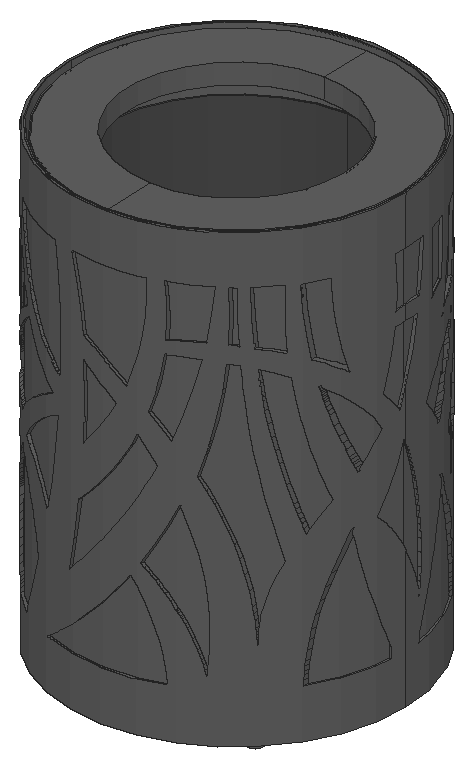
Revit family (continued)
Definition of nested family "Shell-Surface-SiteScapes-Circular-TallGrass_Large"
  Automatic sketch dimensions
    Extrusion 4 sketch curve to Extrusion 4 sketch curve = 0' - 0.6275"
    Extrusion 4 sketch curve to Extrusion 4 sketch curve = 0' - 0.69228"
    Extrusion 4 sketch curve to Extrusion 4 sketch curve = 0' - 0.5774"
    Extrusion 4 sketch curve to Extrusion 4 sketch curve = 0' - 0.63603"
    Extrusion 4 sketch curve to Extrusion 4 sketch curve = 0' - 0.59323"
    Extrusion 4 sketch curve to Extrusion 4 sketch curve = 0' - 0.62444"
    Extrusion 4 sketch curve to Extrusion 4 sketch curve = 0' - 0.60906"
    Extrusion 4 sketch curve to Extrusion 4 sketch curve = 0' - 0.61049"
    Extrusion 4 sketch curve to Extrusion 4 sketch curve = 0' - 0.60536"
    Extrusion 4 sketch curve to Extrusion 4 sketch curve = 0' - 0.28325"
    Extrusion 4 sketch curve to Extrusion 4 sketch curve = 0' - 0.28283"
    Extrusion 4 sketch curve to Extrusion 4 sketch curve = 0' - 0.63785"
    Extrusion 4 sketch curve to Extrusion 4 sketch curve = 0' - 0.24575"
    Extrusion 4 sketch curve to Extrusion 4 sketch curve = 0' - 0.27084"
    Extrusion 4 sketch curve to Extrusion 4 sketch curve = 0' - 0.30567"
    Extrusion 4 sketch curve to Extrusion 4 sketch curve = 0' - 2.25285"
    Extrusion 4 sketch curve to plane 5 "Pattern Top" = 0' - 0.73883"
    plane 7 "Front" to Extrusion 4 sketch curve = 0' - 3.24666"
    Extrusion 4 sketch curve to Extrusion 4 sketch curve = 0' - 0.93097"
    Extrusion 4 sketch curve to Extrusion 4 sketch curve = 0' - 2.04527"
    plane 1 "Center (Front/Back)" to Extrusion 4 sketch curve = 0' - 3.11112"
    plane 1 "Center (Front/Back)" to Extrusion 4 sketch curve = 0' - 0.67387"
    Extrusion 4 sketch curve to Extrusion 4 sketch curve = 0' - 1.10773"
    Extrusion 4 sketch curve to Extrusion 4 sketch curve = 0' - 1.17912"
    plane 5 "Pattern Top" to Extrusion 4 sketch curve = 0' - 1.57818"
    Extrusion 4 sketch curve to Extrusion 4 sketch curve = 0' - 7.58616"
    Extrusion 4 sketch curve to Extrusion 4 sketch curve = 0' - 0.72496"
    plane 7 "Front" to Extrusion 4 sketch curve = 0' - 0.60874"
    Extrusion 4 sketch curve to plane 1 "Center (Front/Back)" = 0' - 1.41557"
    Extrusion 4 sketch curve to plane 1 "Center (Front/Back)" = 0' - 2.36448"
    Extrusion 4 sketch curve to Extrusion 4 sketch curve = 0' - 0.78963"
    Extrusion 4 sketch curve to Extrusion 4 sketch curve = 0' - 0.93237"
    Extrusion 4 sketch curve to Extrusion 4 sketch curve = 0' - 2.06623"
    Extrusion 4 sketch curve to Extrusion 4 sketch curve = 0' - 0.27209"
    Extrusion 4 sketch curve to Extrusion 4 sketch curve = 0' - 0.13588"
    Extrusion 4 sketch curve to Extrusion 4 sketch curve = 0' - 1.81911"
    Extrusion 4 sketch curve to Extrusion 4 sketch curve = 0' - 2.98919"
    Extrusion 4 sketch curve to Extrusion 4 sketch curve = 0' - 0.05325"
    Extrusion 4 sketch curve to Extrusion 4 sketch curve = 0' - 0.14298"
    plane 5 "Pattern Top" to Extrusion 4 sketch curve = 0' - 0.02382"  (x2)
    plane 1 "Center (Front/Back)" to Extrusion 4 sketch curve = 0' - 4.07043"
    Extrusion 4 sketch curve to Extrusion 4 sketch curve = 0' - 0.0001"
    Extrusion 4 sketch curve to plane 1 "Center (Front/Back)" = 0' - 0.00769"
    Extrusion 4 sketch curve to plane 1 "Center (Front/Back)" = 0' - 1.31404"
    Extrusion 4 sketch curve to Extrusion 4 sketch curve = 0' - 1.5538"
    Extrusion 4 sketch curve to Extrusion 4 sketch curve = 0' - 9.20011"
    Extrusion 4 sketch curve to plane 4 "Top" = 0' - 1.0736"
    Extrusion 4 sketch curve to Extrusion 4 sketch curve = 0' - 5.4282"
    Extrusion 4 sketch curve to Extrusion 4 sketch curve = 0' - 0.86517"
    Extrusion 4 sketch curve to Extrusion 4 sketch curve = 0' - 1.05862"
    Extrusion 4 sketch curve to Extrusion 4 sketch curve = 0' - 0.09581"
    Extrusion 4 sketch curve to Extrusion 4 sketch curve = 0' - 0.3382"
    Extrusion 4 sketch curve to Extrusion 4 sketch curve = 0' - 0.20322"
    Extrusion 4 sketch curve to Extrusion 4 sketch curve = 0' - 2.69425"
    Extrusion 4 sketch curve to Extrusion 4 sketch curve = 0' - 0.4215"
    plane 5 "Pattern Top" to Extrusion 5 sketch curve = 0' - 0.81458"
    plane 7 "Front" to Extrusion 5 sketch curve = 4' - 1.02999"
    Extrusion 5 sketch curve to plane 5 "Pattern Top" = 0' - 1.34734"
    Extrusion 5 sketch curve to Extrusion 5 sketch curve = 0' - 11.77714"
    Extrusion 5 sketch curve to plane 4 "Top" = 0' - 1.0736"
    Extrusion 5 sketch curve to Extrusion 5 sketch curve = 1' - 1.03163"
    plane 5 "Pattern Top" to Extrusion 5 sketch curve = 0' - 1.57818"
    Extrusion 5 sketch curve to Extrusion 5 sketch curve = 0' - 5.4282"
    Extrusion 5 sketch curve to plane 5 "Pattern Top" = 0' - 2.90357"
    Extrusion 5 sketch curve to Extrusion 5 sketch curve = 0' - 7.58616"
    Extrusion 5 sketch curve to Extrusion 5 sketch curve = 0' - 2.99505"
    Extrusion 5 sketch curve to Extrusion 5 sketch curve = 0' - 0.86517"
    plane 7 "Front" to Extrusion 5 sketch curve = 0' - 3.98374"
    plane 1 "Center (Front/Back)" to Extrusion 5 sketch curve = 0' - 2.41098"
    Extrusion 5 sketch curve to Extrusion 5 sketch curve = 0' - 0.24079"
    plane 1 "Center (Front/Back)" to Extrusion 5 sketch curve = 0' - 1.95943"
    Extrusion 5 sketch curve to Extrusion 5 sketch curve = 0' - 0.21792"
    Extrusion 5 sketch curve to Extrusion 5 sketch curve = 0' - 0.19528"
    Extrusion 5 sketch curve to Extrusion 5 sketch curve = 0' - 0.202"
    Extrusion 5 sketch curve to Extrusion 5 sketch curve = 0' - 0.19855"
    Extrusion 5 sketch curve to Extrusion 5 sketch curve = 0' - 0.19195"
    plane 1 "Center (Front/Back)" to Extrusion 5 sketch curve = 0' - 1.01052"
    plane 5 "Pattern Top" to Extrusion 5 sketch curve = 0' - 0.02382"  (x2)
    plane 1 "Center (Front/Back)" to Extrusion 5 sketch curve = 0' - 1.00234"
    Extrusion 5 sketch curve to Extrusion 5 sketch curve = 0' - 0.18585"
    plane 1 "Center (Front/Back)" to Extrusion 5 sketch curve = 0' - 0.91472"
    Extrusion 5 sketch curve to Extrusion 5 sketch curve = 0' - 0.32386"
    plane 1 "Center (Front/Back)" to Extrusion 5 sketch curve = 0' - 0.59055"
    plane 1 "Center (Front/Back)" to Extrusion 5 sketch curve = 0' - 0.35284"
    plane 1 "Center (Front/Back)" to Extrusion 5 sketch curve = 0' - 0.17427"
    plane 1 "Center (Front/Back)" to Extrusion 5 sketch curve = 0' - 0.09617"
    plane 1 "Center (Front/Back)" to Extrusion 5 sketch curve = 0' - 0.07248"
    plane 1 "Center (Front/Back)" to Extrusion 5 sketch curve = 0' - 0.05315"
    Extrusion 5 sketch curve to plane 1 "Center (Front/Back)" = 0' - 0.04672"
    Extrusion 5 sketch curve to plane 1 "Center (Front/Back)" = 0' - 0.1268"
    Extrusion 5 sketch curve to plane 1 "Center (Front/Back)" = 0' - 0.21916"
    Extrusion 5 sketch curve to plane 1 "Center (Front/Back)" = 0' - 0.25242"
    Extrusion 5 sketch curve to plane 1 "Center (Front/Back)" = 0' - 0.44064"
    Extrusion 5 sketch curve to plane 1 "Center (Front/Back)" = 0' - 0.54167"
    Extrusion 5 sketch curve to plane 1 "Center (Front/Back)" = 0' - 0.63847"
    Extrusion 5 sketch curve to Extrusion 5 sketch curve = 0' - 0 65/256"
    Extrusion 5 sketch curve to Extrusion 5 sketch curve = 0' - 0.19773"
    Extrusion 5 sketch curve to Extrusion 5 sketch curve = 0' - 0.10758"
    Extrusion 5 sketch curve to Extrusion 5 sketch curve = 0' - 0.14046"
    Extrusion 5 sketch curve to Extrusion 5 sketch curve = 0' - 0.1005"
    Extrusion 5 sketch curve to Extrusion 5 sketch curve = 0' - 0.02829"
    Extrusion 5 sketch curve to plane 1 "Center (Front/Back)" = 0' - 1.0557"
    Extrusion 5 sketch curve to Extrusion 5 sketch curve = 0' - 0.08333"
    Extrusion 5 sketch curve to Extrusion 5 sketch curve = 0' - 0.16835"
    Extrusion 5 sketch curve to Extrusion 5 sketch curve = 0' - 0.08394"
    Extrusion 5 sketch curve to Extrusion 5 sketch curve = 0' - 0.11195"
    Extrusion 5 sketch curve to Extrusion 5 sketch curve = 0' - 0.08724"
    Extrusion 5 sketch curve to Extrusion 5 sketch curve = 0' - 0.20322"
    Extrusion 5 sketch curve to Extrusion 5 sketch curve = 0' - 0.09718"
    Extrusion 5 sketch curve to Extrusion 5 sketch curve = 0' - 0.35099"
    Extrusion 5 sketch curve to Extrusion 5 sketch curve = 0' - 0.05785"
    Extrusion 5 sketch curve to Extrusion 5 sketch curve = 0' - 0.61666"
    Extrusion 5 sketch curve to Extrusion 5 sketch curve = 0' - 0.01933"
    Extrusion 5 sketch curve to plane 1 "Center (Front/Back)" = 0' - 1.69191"
    Extrusion 5 sketch curve to Extrusion 5 sketch curve = 0' - 1.31495"
    Extrusion 5 sketch curve to Extrusion 5 sketch curve = 0' - 1.4075"
    plane 8 "Back" to Extrusion 5 sketch curve = 0' - 6.87072"
    Extrusion 5 sketch curve to Extrusion 5 sketch curve = 0' - 2.05477"
    Extrusion 5 sketch curve to Extrusion 5 sketch curve = 0' - 0.29628"
    Extrusion 5 sketch curve to Extrusion 5 sketch curve = 0' - 0.25133"
    Extrusion 5 sketch curve to Extrusion 5 sketch curve = 0' - 0.20962"
    Extrusion 5 sketch curve to Extrusion 5 sketch curve = 0' - 0.25351"
    Extrusion 5 sketch curve to Extrusion 5 sketch curve = 0' - 0.65793"
    Extrusion 5 sketch curve to Extrusion 5 sketch curve = 0' - 0.66353"
    Extrusion 5 sketch curve to Extrusion 5 sketch curve = 0' - 0.76458"
    Extrusion 5 sketch curve to Extrusion 5 sketch curve = 0' - 0.77209"
    Extrusion 5 sketch curve to Extrusion 5 sketch curve = 0' - 0.16683"
    Extrusion 5 sketch curve to Extrusion 5 sketch curve = 0' - 0.24501"
    Extrusion 5 sketch curve to Extrusion 5 sketch curve = 0' - 0.61108"
    Extrusion 5 sketch curve to Extrusion 5 sketch curve = 0' - 0.23089"
    Extrusion 5 sketch curve to Extrusion 5 sketch curve = 0' - 0.21677"
    Extrusion 5 sketch curve to Extrusion 5 sketch curve = 0' - 0.23619"
    Extrusion 5 sketch curve to Extrusion 5 sketch curve = 0' - 0.71088"
    Extrusion 5 sketch curve to Extrusion 5 sketch curve = 0' - 0.78372"
    Extrusion 5 sketch curve to Extrusion 5 sketch curve = 0' - 0.24399"
    Extrusion 5 sketch curve to Extrusion 5 sketch curve = 0' - 0.24813"
    Extrusion 5 sketch curve to Extrusion 5 sketch curve = 0' - 0.25288"
    Extrusion 5 sketch curve to Extrusion 5 sketch curve = 0' - 0.93948"
    Extrusion 5 sketch curve to Extrusion 5 sketch curve = 0' - 0.47431"
    Extrusion 5 sketch curve to Extrusion 5 sketch curve = 0' - 0.48764"
    Extrusion 5 sketch curve to Extrusion 5 sketch curve = 0' - 0.93803"
    Extrusion 5 sketch curve to Extrusion 5 sketch curve = 0' - 0.50097"
    Extrusion 5 sketch curve to Extrusion 5 sketch curve = 0' - 0.65414"
    Extrusion 5 sketch curve to Extrusion 5 sketch curve = 0' - 0.94093"
    Extrusion 5 sketch curve to Extrusion 5 sketch curve = 0' - 0.67111"
    Extrusion 5 sketch curve to Extrusion 5 sketch curve = 0' - 0.94382"
    Extrusion 5 sketch curve to Extrusion 5 sketch curve = 0' - 0.22465"
    Extrusion 5 sketch curve to Extrusion 5 sketch curve = 0' - 0.32831"
    plane 11 "Pattern Bottom" to Extrusion 5 sketch curve = 0' - 4.28882"
    Extrusion 5 sketch curve to Extrusion 5 sketch curve = 0' - 0.33298"
    Extrusion 5 sketch curve to Extrusion 5 sketch curve = 0' - 0.06079"
    Extrusion 5 sketch curve to Extrusion 5 sketch curve = 0' - 0.30205"
    Extrusion 5 sketch curve to Extrusion 5 sketch curve = 0' - 0.33359"
    Extrusion 5 sketch curve to Extrusion 5 sketch curve = 0' - 0.37477"
    plane 8 "Back" to Extrusion 5 sketch curve = 0' - 9.80652"
    Extrusion 5 sketch curve to Extrusion 5 sketch curve = 0' - 1.23305"
    level to Extrusion 5 sketch curve = 0' - 9.01445"
    Revolve 6 sketch curve to plane 9 "Right" = 0' - 2 7/16"
    Revolve 6 sketch curve to level = 0' - 0.76904"
    plane 6 "Frame Bottom" to Revolve 6 sketch curve = 0' - 0.98096"
    plane 12 "Bar Right Offset" to Extrusion 8 sketch curve = 0' - 0.58729"
    plane 12 "Bar Right Offset" to Extrusion 8 sketch curve = 0' - 1.29904"
    Extrusion 8 sketch curve to Extrusion 8 sketch curve = 0' - 0.72444"  (x2)
    Extrusion 8 sketch curve to Extrusion 8 sketch curve = 0' - 0.72438"
    Extrusion 8 sketch curve to Extrusion 8 sketch curve = 0' - 1.44889"  (x2)
    plane 8 "Back" to Extrusion 8 sketch curve = 0' - 5.93288"
    Extrusion 8 sketch curve to Extrusion 8 sketch curve = 0' - 0.19436"  (x2)
    Extrusion 8 sketch curve to Extrusion 8 sketch curve = 0' - 2.65654"  (x2)
    Extrusion 8 sketch curve to Extrusion 8 sketch curve = 0' - 0.38823"  (x2)
    Extrusion 8 sketch curve to Extrusion 8 sketch curve = 0' - 0"  (x13)
    plane 12 "Bar Right Offset" to Extrusion 8 sketch curve = 0' - 3.91975"
    Extrusion 8 sketch curve to Extrusion 8 sketch curve = 0' - 0.53"  (x2)
    Extrusion 8 sketch curve to Extrusion 8 sketch curve = 0' - 0.53066"
    Extrusion 8 sketch curve to Extrusion 8 sketch curve = 0' - 1.94421"  (x2)
    plane 15 "Bar Front Offset" to Extrusion 8 sketch curve = 0' - 3.91975"
    Extrusion 8 sketch curve to Extrusion 8 sketch curve = 0' - 1.06066"  (x2)
    plane 15 "Bar Front Offset" to Extrusion 8 sketch curve = 0' - 2.03611"
    plane 10 "Left" to Extrusion 8 sketch curve = 0' - 5.93288"
    plane 15 "Bar Front Offset" to Extrusion 8 sketch curve = 0' - 0.58729"
    Extrusion 8 sketch curve to Extrusion 8 sketch curve = 0' - 0.19411"  (x2)
    plane 15 "Bar Front Offset" to Extrusion 8 sketch curve = 0' - 1.29904"
    Extrusion 8 sketch curve to Extrusion 8 sketch curve = 0' - 0.53033"  (x2)
    curve 3 to curve 14 = 0' - 0 3/16"
    plane 10 "Left" to curve 14 = 0' - 0 3/16"
    plane 8 "Back" to curve 13 = 0' - 0 3/16"
    curve 13 to plane 7 "Front" = 0' - 0 3/16"
    plane 10 "Left" to curve 16 = 0' - 2.35779"
    plane 15 "Bar Front Offset" to curve 16 = 0' - 1.1175"
    curve 16 to curve 16 = 0' - 4.10514"
    plane 12 "Bar Right Offset" to curve 17 = 0' - 1.1175"
    plane 12 "Bar Right Offset" to curve 17 = 0' - 2.21763"
    plane 12 "Bar Right Offset" to curve 15 = 0' - 3.91942"
    curve 15 to curve 15 = 0' - 3.0052"  (x2)
    plane 15 "Bar Front Offset" to curve 16 = 0' - 2.21763"
    plane 15 "Bar Front Offset" to curve 15 = 0' - 3.91942"
    curve 17 to plane 14 "Bar Back Offset" = 0' - 5.53707"
    plane 8 "Back" to curve 17 = 0' - 2.35779"
    Masking region 1 sketch curve to plane 17 "feet Top" = 0' - 0"  (x2)
    Masking region 1 sketch curve to Masking region 1 sketch curve = 0' - 0.08222"
    Masking region 1 sketch curve to Masking region 1 sketch curve = 0' - 4.1563"
    plane 12 "Bar Right Offset" to Masking region 1 sketch curve = 0' - 0.56173"
    Masking region 1 sketch curve to Masking region 1 sketch curve = 0' - 2.60571"
    Masking region 1 sketch curve to level = 0' - 0"
    curve 133 to plane 11 "Pattern Bottom" = 0' - 0"
    curve 29 to plane 5 "Pattern Top" = 0' - 0"
    curve 114 to plane 11 "Pattern Bottom" = 0' - 0"
    curve 129 to plane 11 "Pattern Bottom" = 0' - 0"
    curve 44 to plane 10 "Left" = 0' - 0.84984"
    curve 44 to plane 10 "Left" = 0' - 0.85366"
    curve 106 to plane 5 "Pattern Top" = 0' - 0.73883"
    curve 106 to plane 10 "Left" = 0' - 1.49666"
    curve 43 to curve 106 = 0' - 0.05325"
    curve 104 to curve 44 = 0' - 0.79631"
    curve 111 to curve 104 = 0' - 0.29701"
    curve 119 to plane 10 "Left" = 0' - 2.58417"
    curve 117 to curve 119 = 0' - 0.21081"
    curve 108 to curve 111 = 0' - 3.41339"
    curve 118 to curve 108 = 0' - 0.72148"
    curve 134 to curve 117 = 0' - 3.36827"
    curve 114 to plane 5 "Pattern Top" = 0' - 1.3425"
    curve 114 to curve 118 = 0' - 4.50327"
    curve 112 to curve 114 = 0' - 2.51484"
    curve 102 to curve 112 = 0' - 0.56806"
    curve 41 to curve 114 = 0' - 5.01553"
    curve 120 to curve 102 = 0' - 2.11287"
    plane 4 "Top" to curve 41 = 1' - 4.07933"
    curve 41 to curve 112 = 0' - 3.48561"
    curve 46 to plane 4 "Top" = 0' - 1.0736"
    curve 46 to curve 102 = 0' - 5.4282"
    curve 49 to plane 5 "Pattern Top" = 0' - 1.67053"
    curve 49 to curve 46 = 0' - 2.4327"
    curve 84 to curve 41 = 0' - 7.78336"
    curve 30 to curve 49 = 1' - 3.26338"
    curve 138 to curve 30 = 0' - 2.33982"
    plane 17 "feet Top" to curve 136 = 0' - 0.34287"
    curve 136 to curve 84 = 1' - 7.38319"
    curve 107 to curve 138 = 0' - 5.79819"
    curve 109 to curve 107 = 0' - 2.25285"
    curve 132 to plane 5 "Pattern Top" = 0' - 0.32437"
    curve 132 to curve 109 = 1' - 1.15521"
    curve 130 to level = 0' - 3.5755"
    curve 130 to curve 132 = 9' - 6.20253"
    plane 10 "Left" to curve 110 = 0' - 0.20583"
    plane 10 "Left" to curve 137 = 0' - 0.83645"
    curve 110 to curve 103 = 0' - 0.93544"
    plane 10 "Left" to curve 142 = 0' - 1.29067"
    plane 5 "Pattern Top" to curve 152 = 0' - 0.02382"
    plane 10 "Left" to curve 152 = 0' - 1.38305"
    curve 137 to curve 104 = 0' - 0.68168"
    plane 10 "Left" to curve 141 = 0' - 1.86247"
    plane 10 "Left" to curve 151 = 0' - 1.87464"
    curve 141 to curve 143 = 0' - 0.01217"
    curve 145 to curve 145 = 0' - 0.04128"
    plane 10 "Left" to curve 141 = 0' - 1.92749"
    curve 141 to curve 142 = 0' - 0.09942"
    curve 145 to curve 150 = 0' - 0.09428"
    curve 115 to plane 11 "Pattern Bottom" = 0' - 1.05337"
    plane 10 "Left" to curve 115 = 0' - 2.14467"
    plane 10 "Left" to curve 19 = 0' - 2 1/4"
    curve 104 to curve 136 = 0' - 0.85379"
    curve 142 to curve 143 = 0' - 1.2509"
    curve 152 to curve 151 = 0' - 1.73099"
    curve 115 to curve 133 = 0' - 1.22833"
    curve 143 to curve 142 = 0' - 0.93203"
    curve 150 to plane 5 "Pattern Top" = 0' - 1.13863"
    curve 151 to curve 150 = 0' - 0.51314"
    curve 151 to curve 29 = 0' - 0.94808"
    curve 142 to curve 144 = 0' - 0.69092"
    curve 28 to plane 5 "Pattern Top" = 0' - 0.77271"
    curve 148 to curve 28 = 0' - 0.56223"
    curve 140 to curve 135 = 0' - 0.76797"
    curve 27 to plane 5 "Pattern Top" = 0' - 1.52724"
    curve 27 to curve 27 = 0' - 0.15913"
    curve 25 to plane 5 "Pattern Top" = 0' - 2.26359"
    curve 26 to curve 25 = 0' - 0.19225"
    curve 25 to curve 25 = 0' - 0.22685"
    curve 24 to curve 23 = 0' - 0.26308"
    curve 143 to curve 139 = 0' - 0.91337"
    curve 133 to curve 132 = 0' - 1.70488"
    curve 23 to curve 148 = 0' - 0.21527"
    curve 23 to curve 23 = 0' - 0.30105"
    curve 148 to curve 146 = 0' - 0.29102"
    curve 22 to curve 22 = 0' - 0.34084"
    curve 139 to curve 108 = 0' - 0.69536"
    curve 132 to curve 116 = 0' - 0.76522"
    curve 21 to curve 21 = 0' - 0.33088"
    curve 20 to curve 20 = 0' - 0.36023"
    curve 108 to curve 40 = 0' - 0.93489"
    plane 11 "Pattern Bottom" to curve 134 = 0' - 4.60785"
    curve 20 to curve 38 = 0' - 0.39051"
    curve 38 to curve 37 = 0' - 0.42163"
    curve 37 to curve 36 = 0' - 0 65/128"
    curve 116 to curve 114 = 0' - 1.87319"
    curve 108 to curve 137 = 0' - 2.03069"
    curve 36 to curve 35 = 0' - 0.54432"
    curve 35 to curve 34 = 0' - 0.17856"
    curve 34 to curve 144 = 0' - 0.01163"
    curve 34 to curve 33 = 0' - 0.18069"
    curve 29 to plane 13 "Bar Left Offset" = 0' - 3.35894"
    curve 33 to curve 33 = 0' - 0.15562"
    curve 32 to curve 31 = 0' - 0.1855"
    curve 147 to curve 138 = 0' - 0.56698"
    curve 31 to curve 30 = 0' - 0.22382"
    curve 85 to plane 13 "Bar Left Offset" = 0' - 2.34424"
    curve 85 to curve 109 = 0' - 0.29231"
    plane 5 "Pattern Top" to curve 41 = 0' - 0.02382"
    curve 30 to curve 41 = 0' - 1.53859"
    curve 109 to plane 13 "Bar Left Offset" = 0' - 1.21896"
    curve 106 to plane 13 "Bar Left Offset" = 0' - 0.88315"
    curve 40 to plane 13 "Bar Left Offset" = 0' - 0.86133"
    curve 108 to plane 13 "Bar Left Offset" = 0' - 0.86113"
    curve 149 to plane 13 "Bar Left Offset" = 0' - 0 13/16"
    plane 3 "Center (Left/Right)" to curve 140 = 0' - 0.17044"
    plane 12 "Bar Right Offset" to curve 146 = 0' - 0.34961"
    plane 12 "Bar Right Offset" to curve 108 = 0' - 0.57604"
    plane 12 "Bar Right Offset" to curve 144 = 0' - 1.11468"
    plane 12 "Bar Right Offset" to curve 40 = 0' - 1.25758"
    curve 144 to curve 139 = 0' - 0.24522"
    curve 139 to curve 114 = 0' - 0.211"
    curve 108 to curve 47 = 0' - 1.34202"
    curve 47 to curve 111 = 0' - 0.06791"
    curve 114 to curve 118 = 0' - 0.64312"
    plane 12 "Bar Right Offset" to curve 152 = 0' - 2.32438"
    plane 12 "Bar Right Offset" to curve 69 = 0' - 2.53377"
    curve 152 to curve 43 = 0' - 0.23966"
    curve 47 to curve 103 = 0' - 0.74745"
    curve 69 to curve 110 = 0' - 0.71105"
    curve 43 to curve 105 = 0' - 2.35698"
    plane 5 "Pattern Top" to curve 45 = 0' - 0.02382"
    curve 42 to curve 45 = 0' - 1 15/256"
    curve 105 to curve 47 = 0' - 0.09574"
    curve 45 to curve 147 = 0' - 0.35782"
    curve 110 to curve 103 = 0' - 0.78963"
    curve 69 to curve 118 = 0' - 1.91696"
    curve 116 to curve 105 = 0' - 2.31481"
    curve 113 to curve 135 = 0' - 1.36726"
    curve 110 to curve 119 = 0' - 2.18138"
    curve 105 to curve 105 = 0' - 2.06614"
    curve 135 to curve 40 = 0' - 0.60964"
    plane 11 "Pattern Bottom" to curve 116 = 0' - 0.91939"
    curve 135 to curve 116 = 0' - 0.70917"
    curve 105 to curve 46 = 0' - 0.20321"
    curve 119 to curve 125 = 0' - 0 125/256"
    curve 147 to curve 46 = 0' - 2.33645"
    curve 125 to curve 55 = 0' - 0.54932"
    curve 102 to curve 123 = 0' - 1.18148"
    curve 47 to curve 48 = 0' - 1.05906"
    plane 5 "Pattern Top" to curve 49 = 0' - 0.02382"
    curve 45 to curve 49 = 0' - 0.64618"
    curve 120 to curve 123 = 0' - 0.33216"
    curve 50 to curve 51 = 0' - 0.40935"
    curve 48 to plane 5 "Pattern Top" = 0' - 3.87979"
    curve 48 to curve 48 = 0' - 0.48674"
    curve 123 to curve 124 = 0' - 0.30083"
    curve 50 to curve 148 = 0' - 0.4251"
    plane 5 "Pattern Top" to curve 53 = 0' - 0.02382"
    curve 50 to curve 53 = 0' - 0.53778"
    curve 48 to curve 55 = 0' - 0.65496"
    curve 40 to curve 119 = 0' - 2.41679"
    curve 121 to curve 119 = 0' - 0"
    curve 122 to curve 127 = 0' - 0.70598"
    curve 55 to curve 70 = 0' - 2.36816"
    curve 52 to curve 53 = 0' - 1.40753"
    curve 121 to plane 9 "Right" = 0' - 2.67329"
    curve 55 to curve 54 = 0' - 1.31493"
    curve 54 to curve 85 = 0' - 0.19116"
    curve 125 to curve 128 = 0' - 1.31853"
    curve 19 to plane 9 "Right" = 0' - 2 1/4"
    curve 57 to plane 5 "Pattern Top" = 0' - 0.05086"
    curve 54 to curve 57 = 0' - 0.53912"
    curve 129 to plane 9 "Right" = 0' - 2.05674"
    curve 122 to curve 126 = 0' - 0.71459"
    curve 55 to curve 56 = 0' - 0.80144"
    curve 69 to curve 69 = 0' - 0.03082"
    curve 125 to curve 96 = 0' - 0.91255"
    curve 96 to curve 96 = 0' - 0.04607"
    curve 95 to curve 94 = 0' - 0.0179"
    curve 94 to curve 93 = 0' - 0.02513"
    curve 96 to curve 97 = 0' - 0.09404"
    curve 93 to curve 93 = 0' - 0.0511"
    curve 97 to curve 98 = 0' - 0.0769"
    curve 98 to curve 99 = 0' - 0.06086"
    curve 99 to curve 101 = 0' - 0.06464"
    curve 92 to curve 92 = 0' - 0.17628"
    curve 100 to curve 101 = 0' - 0.06791"
    curve 57 to curve 58 = 0' - 0.94123"
    curve 59 to plane 5 "Pattern Top" = 0' - 0.35721"
    curve 57 to curve 59 = 0' - 0.00257"
    curve 58 to curve 60 = 0' - 0.00316"
    curve 59 to curve 60 = 0' - 0.00376"
    curve 60 to curve 62 = 0' - 0.00572"
    curve 61 to curve 63 = 0' - 0.00747"
    curve 126 to plane 9 "Right" = 0' - 1.16124"
    curve 62 to curve 64 = 0' - 0.03311"
    curve 63 to curve 65 = 0' - 0 3/64"
    curve 64 to curve 70 = 0' - 0.01388"
    curve 96 to curve 47 = 0' - 0.49293"
    curve 70 to curve 65 = 0' - 0.05499"
    curve 74 to curve 75 = 0' - 0.20403"
    curve 69 to curve 67 = 0' - 0.82126"
    plane 5 "Pattern Top" to curve 72 = 0' - 0.02382"
    curve 57 to curve 72 = 0' - 0.28212"
    curve 65 to curve 70 = 0' - 0.17211"
    curve 47 to curve 67 = 0' - 0.22392"
    curve 91 to plane 9 "Right" = 0' - 0.84436"
    curve 74 to curve 75 = 0' - 0.17891"
    curve 90 to curve 90 = 0' - 0.08591"
    curve 47 to curve 68 = 0' - 0.32977"
    curve 89 to curve 89 = 0' - 0.0392"
    curve 130 to plane 9 "Right" = 0' - 0.70423"
    curve 88 to curve 88 = 0' - 0.03574"
    curve 75 to curve 77 = 0' - 0.15697"
    curve 87 to curve 86 = 0' - 0.03222"
    curve 86 to curve 85 = 0' - 0.08567"
    curve 76 to curve 77 = 0' - 0.13599"
    curve 71 to curve 73 = 0' - 0.41542"
    curve 73 to plane 9 "Right" = 0' - 0.48572"
    curve 77 to curve 78 = 0' - 0.06772"
    curve 78 to curve 80 = 0' - 0.06247"
    curve 79 to curve 81 = 0' - 0.03551"
    curve 80 to curve 81 = 0' - 0.02779"
    curve 81 to curve 82 = 0' - 0.03166"
    curve 82 to curve 83 = 0' - 0.03608"
    curve 84 to plane 9 "Right" = 0' - 0.15371"
    curve 131 to plane 9 "Right" = 0' - 0.05944"
    plane 9 "Right" to curve 151 = 0' - 7.26234"
    plane 11 "Pattern Bottom" to curve 121 = 0' - 3.45476"
    plane 9 "Right" to curve 121 = 0' - 7.44384"
    curve 73 to plane 5 "Pattern Top" = 0' - 1.34751"
    curve 151 to curve 73 = 0' - 3.7075"
    plane 5 "Pattern Top" to curve 56 = 0' - 1.19476"
    curve 73 to curve 56 = 0' - 1.85162"
    curve 56 to plane 16 "Support Top" = 0' - 0.08083"
    curve 54 to plane 5 "Pattern Top" = 0' - 1.34718"
    curve 56 to curve 54 = 0' - 4.47049"
    plane 9 "Right" to curve 54 = 1' - 5.29571"
    plane 5 "Pattern Top" to curve 71 = 0' - 0.82375"
    curve 54 to curve 71 = 0' - 1.41972"
    plane 9 "Right" to curve 71 = 1' - 6.7653"
    curve 54 to curve 150 = 0' - 2.46548"
    plane 11 "Pattern Bottom" to curve 141 = 0' - 11.58738"
    curve 150 to curve 141 = 1' - 11.37739"
    curve 126 to level = 0' - 3.03891"
    curve 141 to curve 126 = 0' - 0.03167"
    plane 16 "Support Top" to curve 129 = 0' - 1.20615"
    plane 5 "Pattern Top" to curve 52 = 0' - 0.81458"
    curve 141 to curve 52 = 1' - 6 125/256"
    curve 51 to plane 5 "Pattern Top" = 0' - 0.84021"
    plane 5 "Pattern Top" to curve 128 = 0' - 1.51961"
    curve 51 to curve 128 = 0' - 7.08554"
    plane 5 "Pattern Top" to curve 122 = 0' - 1.06112"
    curve 128 to curve 122 = 0' - 11.3361"
    plane 4 "Top" to curve 127 = 0' - 1.03962"
    curve 122 to curve 127 = 0' - 5.37597"
    plane 16 "Support Top" to curve 116 = 0' - 1.26043"
    curve 116 to curve 135 = 0' - 1.12386"
    plane 11 "Pattern Bottom" to curve 119 = 0' - 2.86971"
    curve 119 to curve 117 = 0' - 0.88644"
    curve 135 to curve 40 = 0' - 1.72549"
    curve 103 to curve 135 = 0' - 1.85374"
    curve 85 to curve 134 = 0' - 0.19075"
    curve 103 to curve 110 = 0' - 0.27209"
    curve 144 to curve 115 = 0' - 1.59394"
    curve 144 to curve 139 = 0' - 0.18242"
    curve 85 to curve 112 = 0' - 1.08394"
    curve 144 to curve 140 = 0' - 0.32309"
    curve 110 to curve 137 = 0' - 0.98447"
    curve 110 to curve 44 = 0' - 1.01505"
    curve 137 to curve 104 = 0' - 0.29096"
    curve 109 to curve 138 = 0' - 2.82676"
    curve 136 to curve 141 = 0' - 2.20906"
    curve 116 to curve 105 = 0' - 1.03648"
    curve 130 to curve 126 = 0' - 0.35032"
    plane 11 "Pattern Bottom" to curve 84 = 0' - 10.19971"
    curve 137 to curve 111 = 0' - 2.15785"
    curve 141 to curve 142 = 0' - 2.16946"
    curve 109 to curve 146 = 0' - 0.10964"
    curve 108 to curve 139 = 0' - 0.7929"
    curve 143 to curve 140 = 0' - 0.31484"
    curve 109 to curve 149 = 0' - 1.96925"
    curve 142 to curve 144 = 0' - 1.04046"
    curve 118 to curve 69 = 0' - 1.20846"
    curve 126 to curve 85 = 0' - 1.43628"
    curve 150 to curve 54 = 0' - 11.72574"
    curve 86 to curve 86 = 0' - 0.51851"
    curve 86 to curve 87 = 0' - 0.19508"
    curve 87 to curve 89 = 0' - 0.2149"
    curve 149 to curve 107 = 0' - 1.85982"
    curve 69 to curve 112 = 0' - 1.1522"
    curve 88 to curve 89 = 0' - 0.23504"
    curve 145 to curve 145 = 0' - 1.12228"
    curve 89 to curve 91 = 0' - 0.51406"
    curve 125 to curve 102 = 0' - 0.5636"
    curve 83 to curve 82 = 0' - 0.19512"
    curve 82 to curve 81 = 0' - 0.15925"
    curve 81 to curve 80 = 0' - 0.13029"
    curve 83 to curve 151 = 0' - 0.55422"
    curve 80 to curve 80 = 0' - 0.15455"
    curve 79 to curve 79 = 0' - 0.24699"
    curve 78 to curve 91 = 0' - 0.11333"
    curve 78 to curve 77 = 0' - 0.23925"
    curve 91 to curve 70 = 0' - 0.1627"
    curve 144 to curve 31 = 0' - 1.39075"
    curve 30 to curve 32 = 0' - 0.16239"
    curve 77 to curve 76 = 0' - 0.41253"
    curve 31 to curve 32 = 0' - 0.13854"
    curve 32 to curve 34 = 0' - 0.12098"
    curve 33 to curve 35 = 0' - 0.1467"
    curve 76 to curve 76 = 0' - 0.39516"
    curve 34 to curve 35 = 0' - 0.15097"
    curve 75 to curve 93 = 0' - 0.26525"
    curve 75 to curve 75 = 0' - 0.37655"
    curve 92 to curve 93 = 0' - 0.35072"
    curve 35 to curve 37 = 0' - 0.50078"
    curve 93 to curve 74 = 0' - 0.12166"
    curve 93 to curve 95 = 0' - 0.17977"
    curve 74 to curve 101 = 0' - 0.10761"
    curve 94 to curve 96 = 0' - 0.1284"
    curve 100 to curve 99 = 0' - 0.09722"
    curve 99 to curve 98 = 0' - 0.08675"
    curve 98 to curve 97 = 0' - 0.10481"
    curve 36 to curve 37 = 0' - 0.53207"
    curve 97 to curve 96 = 0' - 0.12286"
    curve 37 to curve 38 = 0' - 0.49968"
    curve 38 to curve 39 = 0' - 0.52074"
    curve 47 to curve 67 = 0' - 0.51135"
    curve 20 to curve 21 = 0' - 0.5418"
    curve 124 to curve 123 = 0' - 0.0816"
    curve 20 to curve 21 = 0' - 0.56285"
    curve 123 to curve 120 = 0' - 0.07939"
    curve 67 to curve 70 = 0' - 0.24497"
    curve 21 to curve 23 = 0' - 0.66364"
    curve 66 to curve 70 = 0' - 0.01526"
    curve 22 to curve 24 = 0' - 0.68182"
    curve 70 to curve 65 = 0' - 0.90984"
    curve 23 to curve 25 = 0' - 0.7"
    curve 64 to curve 64 = 0' - 0.81884"
    curve 63 to curve 62 = 0' - 0.82348"
    curve 62 to curve 62 = 0' - 0.25891"
    curve 61 to curve 61 = 0' - 0.24433"
    curve 60 to curve 60 = 0' - 0.22254"
    plane 10 "Left" to curve 155 = 0' - 0.26861"
    curve 155 to curve 155 = 0' - 0.14806"
    plane 10 "Left" to curve 154 = 0' - 0.50648"
    curve 155 to curve 154 = 0' - 0.59566"
    curve 155 to curve 147 = 0' - 0.98866"
    curve 155 to curve 147 = 0' - 0.58495"
    curve 150 to curve 154 = 0' - 0.00799"
    curve 155 to curve 155 = 0' - 0.07928"
    curve 44 to curve 156 = 0' - 0.11364"
    curve 156 to plane 10 "Left" = 0' - 0.20171"
    plane 10 "Left" to curve 156 = 0' - 0.26914"
    curve 156 to curve 44 = 0' - 0 45/128"
    plane 10 "Left" to curve 157 = 0' - 1.59501"
    curve 138 to curve 157 = 0' - 0.56259"
    curve 159 to level = 0' - 1.88329"
    curve 159 to curve 134 = 0' - 5.99899"
    curve 159 to plane 4 "Top" = 0' - 0.98598"
    plane 10 "Left" to curve 158 = 0' - 0.33854"
    curve 158 to curve 158 = 0' - 0.09728"
    curve 158 to curve 159 = 0' - 0.65698"
    curve 159 to curve 153 = 0' - 0.10464"
    curve 158 to curve 155 = 0' - 0.00866"
    curve 155 to curve 158 = 0' - 1.06107"
    plane 5 "Pattern Top" to curve 160 = 0' - 0.02382"
    curve 161 to curve 117 = 0' - 0.63143"
    curve 161 to curve 111 = 0' - 1.47815"
    curve 161 to curve 160 = 0' - 0.86014"
    plane 10 "Left" to curve 183 = 0' - 0.18764"
    curve 183 to curve 182 = 0' - 0.00018"
    curve 182 to curve 181 = 0' - 0.00028"
    curve 181 to curve 180 = 0' - 0.00042"
    curve 180 to curve 179 = 0' - 0.00063"
    curve 179 to curve 178 = 0' - 0.00088"
    curve 178 to curve 177 = 0' - 0.00117"
    plane 10 "Left" to curve 176 = 0' - 0.19342"
    plane 10 "Left" to curve 175 = 0' - 0.1975"
    plane 10 "Left" to curve 174 = 0' - 0.20308"
    plane 10 "Left" to curve 185 = 0' - 0.20741"
    curve 185 to curve 186 = 0' - 0.00306"
    plane 10 "Left" to curve 173 = 0' - 0.21126"
    plane 10 "Left" to curve 187 = 0' - 0.21332"
    plane 10 "Left" to curve 188 = 0' - 0.21637"
    plane 10 "Left" to curve 189 = 0' - 0.2225"
    plane 10 "Left" to curve 172 = 0' - 0.22279"
    plane 10 "Left" to curve 183 = 0' - 0.2253"
    curve 190 to curve 155 = 0' - 0.03632"
    plane 10 "Left" to curve 171 = 0' - 0.2364"
    plane 10 "Left" to curve 191 = 0' - 0.24339"
    curve 184 to curve 182 = 0' - 0.02129"
    plane 10 "Left" to curve 170 = 0' - 0.24757"
    plane 10 "Left" to curve 169 = 0' - 0.25486"
    plane 10 "Left" to curve 192 = 0' - 0.25554"
    plane 10 "Left" to curve 168 = 0' - 0.26195"
    plane 10 "Left" to curve 193 = 0' - 0.26732"
    plane 10 "Left" to curve 167 = 0' - 0.26888"
    curve 183 to curve 181 = 0' - 0.02339"
    plane 10 "Left" to curve 166 = 0' - 0.27619"
    plane 10 "Left" to curve 194 = 0' - 0.27809"
    plane 10 "Left" to curve 195 = 0' - 0.28787"
    plane 10 "Left" to curve 165 = 0' - 0.28799"
    curve 181 to curve 180 = 0' - 0.0243"
    curve 180 to curve 179 = 0' - 0.02848"
    curve 180 to curve 179 = 0' - 0.03133"
    curve 178 to curve 177 = 0' - 0.03346"
    curve 178 to curve 177 = 0' - 0.03539"
    curve 176 to curve 137 = 0' - 0.3447"
    curve 175 to curve 175 = 0' - 0.07241"
    curve 172 to curve 185 = 0' - 0.38801"
    curve 110 to curve 174 = 0' - 0.43285"
    curve 184 to curve 186 = 0' - 0.03327"
    curve 185 to curve 186 = 0' - 0.02844"
    curve 186 to curve 188 = 0' - 0.02346"
    curve 188 to curve 189 = 0' - 0.02779"
    curve 173 to curve 103 = 0' - 0.40729"
    curve 190 to curve 142 = 0' - 0.49702"
    curve 173 to curve 171 = 0' - 0.0931"
    curve 190 to curve 190 = 0' - 0.06634"
    curve 172 to curve 171 = 0' - 0.0883"
    curve 180 to curve 192 = 0' - 0.74155"
    curve 171 to curve 169 = 0' - 0.03929"
    curve 169 to curve 168 = 0' - 0.03774"
    curve 191 to curve 193 = 0' - 0.06283"
    curve 168 to curve 167 = 0' - 0.03205"
    curve 192 to curve 194 = 0' - 0.05429"
    curve 168 to curve 167 = 0' - 0.03299"
    curve 178 to curve 194 = 0' - 0.7379"
    curve 167 to curve 166 = 0' - 0.03504"
    curve 137 to curve 195 = 0' - 0.29548"
    curve 168 to curve 164 = 0' - 0.13975"
    curve 103 to curve 196 = 0' - 0.01491"
    curve 170 to curve 164 = 0' - 0.24092"
    curve 173 to curve 163 = 0' - 0.43038"
    plane 9 "Right" to curve 183 = 0' - 0.09914"
    curve 183 to curve 182 = 0' - 0.98679"
    curve 182 to curve 181 = 0' - 1.24065"
    curve 181 to curve 180 = 0' - 1.51694"
    curve 180 to curve 179 = 0' - 1.57485"
    curve 179 to curve 178 = 0' - 1.75155"
    curve 178 to curve 177 = 0' - 1.93873"
    curve 177 to curve 176 = 0' - 3.10786"
    curve 175 to curve 150 = 0' - 2.72549"
    curve 150 to curve 174 = 0' - 3.22634"
    curve 174 to curve 173 = 0' - 8 157/256"
    curve 141 to curve 172 = 0' - 1.53659"
    curve 185 to curve 52 = 0' - 8.06215"
    curve 185 to curve 186 = 0' - 3.30149"
    curve 186 to curve 187 = 0' - 5.19999"
    curve 187 to curve 171 = 0' - 1.20925"
    curve 188 to curve 51 = 0' - 0.57988"
    curve 128 to curve 189 = 0' - 5.09757"
    curve 189 to curve 170 = 0' - 0.81326"
    curve 170 to curve 169 = 1' - 3.84591"
    curve 190 to plane 5 "Pattern Top" = 0' - 4.72643"
    curve 169 to curve 190 = 0' - 7.17339"
    curve 190 to curve 168 = 1' - 1.45434"
    curve 168 to curve 191 = 1' - 10.64645"
    curve 191 to curve 167 = 0' - 2.613"
    curve 166 to plane 5 "Pattern Top" = 0' - 8.42108"
    curve 167 to curve 166 = 2' - 0.78861"
    curve 192 to plane 5 "Pattern Top" = 0' - 0.75014"
    curve 166 to curve 192 = 2' - 6.57125"
    curve 193 to plane 4 "Top" = 0' - 0.95118"
    curve 192 to curve 193 = 7' - 11.74352"
    plane 4 "Top" to curve 194 = 0' - 4.37899"
    curve 193 to curve 194 = 14' - 6.97708"
    plane 4 "Top" to curve 195 = 1' - 2.59818"
    curve 194 to curve 195 = 35' - 7.71269"
    curve 195 to curve 165 = 2' - 9.08587"
    curve 165 to level = 2' - 9.12896"
    curve 115 to curve 166 = 0' - 1.97276"
    curve 168 to curve 164 = 0' - 0.24126"
    curve 165 to curve 168 = 0' - 0.06079"
    curve 169 to curve 169 = 0' - 0.33298"
    curve 170 to curve 170 = 0' - 0.32831"
    curve 170 to curve 163 = 0' - 0.22465"
    curve 164 to curve 171 = 0' - 0.46158"
    curve 163 to curve 103 = 0' - 0.52927"
    curve 162 to curve 173 = 0' - 0.18887"
    curve 110 to curve 173 = 0' - 0.04166"
    curve 103 to curve 196 = 0' - 0.41166"
    curve 174 to curve 175 = 0' - 0.50097"
    curve 137 to curve 175 = 0' - 0.0458"
    curve 137 to curve 195 = 0' - 0.09314"
    curve 176 to curve 177 = 0' - 0.47431"
    curve 176 to curve 178 = 0' - 0.25288"
    curve 177 to curve 178 = 0' - 0.24813"
    curve 179 to curve 180 = 0' - 0.24399"
    curve 179 to curve 180 = 0' - 0.23619"
    curve 181 to curve 182 = 0' - 0.21677"
    curve 182 to curve 182 = 0' - 0.23089"
    curve 182 to curve 184 = 0' - 0.24501"
    curve 190 to curve 175 = 0' - 0.12611"
    curve 173 to curve 188 = 0' - 0.18902"
    curve 189 to curve 187 = 0' - 0.25351"
    curve 187 to curve 186 = 0' - 0.20962"
    curve 187 to curve 185 = 0' - 0.25133"
    curve 186 to curve 185 = 0' - 0.29628"
    Masking region 3 sketch curve to plane 6 "Frame Bottom" = 0' - 0"
    Masking region 3 sketch curve to plane 7 "Front" = 0' - 2 1/4"
    Masking region 3 sketch curve to Masking region 3 sketch curve = 0' - 2.6078"
    plane 15 "Bar Front Offset" to Masking region 3 sketch curve = 0' - 0.58729"
    Masking region 3 sketch curve to plane 14 "Bar Back Offset" = 0' - 5.53707"
    plane 8 "Back" to Masking region 3 sketch curve = 0' - 2.35779"
    Masking region 3 sketch curve to Masking region 3 sketch curve = 0' - 0.10779"
    Masking region 3 sketch curve to plane 17 "feet Top" = 0' - 0"  (x2)
    Masking region 3 sketch curve to level = 0' - 0"
    curve 279 to plane 11 "Pattern Bottom" = 0' - 0"
    curve 199 to plane 1 "Center (Front/Back)" = 0' - 0"
    curve 304 to plane 11 "Pattern Bottom" = 0' - 0"
    curve 326 to plane 11 "Pattern Bottom" = 0' - 0"
    plane 7 "Front" to curve 203 = 0' - 1.23394"
    plane 7 "Front" to curve 270 = 0' - 1 87/128"
    curve 268 to curve 270 = 0' - 0.66732"
    plane 7 "Front" to curve 226 = 0' - 2.45245"
    curve 226 to curve 268 = 0' - 0.67234"
    plane 5 "Pattern Top" to curve 300 = 0' - 0.11677"
    curve 300 to curve 226 = 0' - 0.94392"
    curve 275 to curve 226 = 0' - 0.66018"
    plane 7 "Front" to curve 329 = 0' - 4.14575"
    curve 309 to level = 0' - 2.13127"
    plane 7 "Front" to curve 309 = 0' - 5.42221"
    curve 309 to plane 5 "Pattern Top" = 0' - 1.34718"
    curve 298 to plane 16 "Support Top" = 0' - 0.0702"
    curve 298 to curve 309 = 0' - 1.19496"
    plane 5 "Pattern Top" to curve 298 = 0' - 1.2014"
    curve 272 to curve 309 = 0' - 1.91794"
    curve 285 to curve 275 = 0' - 3.90035"
    curve 291 to curve 272 = 0' - 0.86014"
    curve 287 to plane 5 "Pattern Top" = 0' - 0.55394"
    curve 287 to curve 291 = 0' - 0.3895"
    curve 307 to curve 291 = 0' - 2.19422"
    plane 7 "Front" to curve 310 = 0' - 10.86299"
    plane 5 "Pattern Top" to curve 310 = 0' - 0.78864"
    curve 310 to curve 287 = 0' - 2.27543"
    curve 283 to curve 307 = 0' - 0.80084"
    curve 313 to curve 310 = 0' - 3.4543"
    curve 313 to plane 5 "Pattern Top" = 0' - 0.84047"
    curve 313 to curve 283 = 0' - 3.11694"
    curve 327 to curve 285 = 0' - 8.87185"
    curve 218 to curve 313 = 0' - 3.00123"
    plane 5 "Pattern Top" to curve 273 = 0' - 1.57818"
    curve 273 to curve 218 = 0' - 1.468"
    curve 308 to curve 218 = 0' - 3.83751"
    curve 289 to plane 4 "Top" = 0' - 1.0736"
    curve 289 to curve 273 = 0' - 5.4282"
    curve 302 to curve 308 = 0' - 6.24357"
    curve 293 to plane 5 "Pattern Top" = 0' - 1.34734"
    curve 293 to curve 302 = 0' - 9.84675"
    plane 11 "Pattern Bottom" to curve 276 = 0' - 3.6667"
    curve 276 to curve 302 = 1' - 1.66957"
    curve 320 to plane 5 "Pattern Top" = 0' - 2.55446"
    curve 320 to curve 293 = 0' - 5.44864"
    curve 222 to curve 320 = 0' - 0.27398"
    plane 5 "Pattern Top" to curve 295 = 0' - 0.81458"
    curve 295 to curve 222 = 0' - 6.05453"
    curve 277 to level = 0' - 4.56004"
    curve 277 to curve 276 = 1' - 10.83622"
    curve 224 to plane 4 "Top" = 0' - 0.70384"
    curve 224 to curve 295 = 1' - 3.63455"
    curve 215 to plane 7 "Front" = 0' - 0.01188"
    curve 219 to plane 7 "Front" = 0' - 0.01836"
    curve 231 to plane 7 "Front" = 0' - 0.0358"
    curve 232 to plane 7 "Front" = 0' - 0.05397"
    curve 227 to plane 7 "Front" = 0' - 0.15353"
    curve 264 to plane 7 "Front" = 0' - 0.23384"
    curve 277 to plane 7 "Front" = 0' - 0.29819"
    curve 263 to plane 7 "Front" = 0' - 0.32317"
    curve 226 to plane 7 "Front" = 0' - 0.40746"
    curve 262 to plane 7 "Front" = 0' - 0.42592"
    curve 262 to curve 229 = 0' - 0.01925"
    curve 261 to plane 7 "Front" = 0' - 0.53935"
    plane 11 "Pattern Bottom" to curve 284 = 0' - 0.39368"
    curve 284 to plane 7 "Front" = 0' - 0.65845"
    curve 260 to plane 5 "Pattern Top" = 0' - 0.14493"
    curve 260 to plane 7 "Front" = 0' - 0 169/256"
    curve 227 to curve 226 = 0' - 0.54305"
    plane 5 "Pattern Top" to curve 222 = 0' - 0.02382"
    curve 260 to curve 222 = 0' - 0.03927"
    curve 264 to curve 222 = 0' - 0.49656"
    curve 288 to plane 7 "Front" = 0' - 0.76806"
    curve 259 to plane 7 "Front" = 0' - 0.78431"
    curve 229 to plane 7 "Front" = 0' - 0.85145"
    plane 4 "Top" to curve 258 = 0' - 0.00554"
    curve 7 to curve 258 = 0' - 0.91319"
    curve 234 to plane 7 "Front" = 0' - 0.94562"
    curve 235 to plane 7 "Front" = 0' - 0.96081"
    curve 236 to plane 7 "Front" = 0' - 0.97547"
    curve 237 to plane 7 "Front" = 0' - 0.99229"
    curve 238 to plane 7 "Front" = 0' - 1.01208"
    curve 276 to plane 7 "Front" = 0' - 1.02218"
    curve 257 to plane 7 "Front" = 0' - 1.04142"
    curve 239 to plane 7 "Front" = 0' - 1.05157"
    curve 240 to plane 7 "Front" = 0' - 1.11638"
    curve 256 to plane 7 "Front" = 0' - 1.15483"
    curve 241 to plane 7 "Front" = 0' - 1.19339"
    curve 255 to plane 7 "Front" = 0' - 1.22683"
    curve 241 to curve 254 = 0' - 0.07001"
    curve 253 to plane 7 "Front" = 0' - 1.29528"
    curve 255 to curve 242 = 0' - 0.07546"
    plane 11 "Pattern Bottom" to curve 301 = 0' - 0.09399"
    curve 284 to curve 301 = 0' - 0.73731"
    curve 243 to plane 7 "Front" = 0' - 1.45259"
    curve 230 to plane 7 "Front" = 0' - 1.49409"
    curve 223 to plane 7 "Front" = 0' - 1.58199"
    curve 226 to curve 227 = 0' - 0.93839"
    curve 244 to plane 7 "Front" = 0' - 1.63547"
    curve 264 to curve 264 = 0' - 0.24892"
    curve 301 to curve 276 = 0' - 0.35691"
    curve 223 to curve 224 = 0' - 1.02272"
    curve 257 to curve 245 = 0' - 0.81548"
    curve 264 to curve 263 = 0' - 0.24415"
    curve 222 to curve 224 = 0' - 1.323"
    curve 246 to plane 4 "Top" = 0' - 0.59082"
    curve 258 to curve 246 = 0' - 1.21019"
    curve 262 to curve 261 = 0' - 0.23511"
    curve 198 to plane 7 "Front" = 0' - 2 1/4"
    curve 228 to curve 230 = 0' - 0.76314"
    curve 261 to curve 261 = 0' - 0.22418"
    curve 224 to curve 219 = 0' - 0.70436"
    plane 5 "Pattern Top" to curve 218 = 0' - 0.02382"
    curve 224 to curve 218 = 0' - 0.45"
    curve 231 to curve 231 = 0' - 0.25064"
    curve 260 to curve 260 = 0' - 0.21217"
    curve 218 to curve 221 = 0' - 0.31806"
    curve 219 to curve 220 = 0' - 0.37972"
    curve 259 to curve 259 = 0' - 0.19509"
    curve 232 to curve 233 = 0' - 0.24254"
    curve 233 to curve 233 = 0' - 0.02708"
    curve 234 to curve 235 = 0' - 0.02614"
    curve 234 to curve 236 = 0' - 0.02518"
    curve 236 to curve 237 = 0' - 0.02509"
    curve 236 to curve 237 = 0' - 0.03196"
    curve 258 to curve 257 = 0' - 0.1948"
    curve 238 to curve 238 = 0' - 0.03401"
    curve 238 to curve 239 = 0' - 0.09659"
    curve 258 to curve 256 = 0' - 0.16638"
    plane 5 "Pattern Top" to curve 216 = 0' - 0.02382"
    curve 221 to curve 216 = 0' - 0.46191"
    curve 240 to curve 241 = 0' - 0.11293"
    curve 256 to curve 255 = 0' - 0.13553"
    curve 241 to curve 241 = 0' - 0.12934"
    curve 256 to curve 255 = 0' - 0.04922"
    curve 219 to curve 216 = 0' - 0.5769"
    curve 254 to curve 253 = 0' - 0.04266"
    curve 254 to curve 253 = 0' - 0.03663"
    curve 253 to curve 251 = 0' - 0.01451"
    curve 251 to curve 250 = 0' - 0.01186"
    curve 250 to curve 249 = 0' - 0.00933"
    curve 249 to curve 248 = 0' - 0.01027"
    curve 233 to curve 265 = 0' - 0.60722"
    curve 248 to curve 248 = 0' - 0.01121"
    curve 241 to curve 243 = 0' - 0.20308"
    curve 243 to curve 244 = 0' - 0.23608"
    curve 243 to curve 244 = 0' - 0.27246"
    curve 245 to curve 246 = 0' - 0.31108"
    curve 216 to curve 214 = 0' - 1.51056"
    curve 246 to curve 247 = 0' - 0.35204"
    curve 215 to curve 214 = 0' - 1.45385"
    curve 214 to curve 268 = 0' - 0.15836"
    curve 237 to curve 211 = 0' - 4.06577"
    curve 240 to curve 212 = 0' - 4.03632"
    curve 242 to curve 213 = 0' - 3.99257"
    curve 243 to curve 200 = 0' - 4.03879"
    curve 204 to plane 5 "Pattern Top" = 0' - 0.05086"
    curve 217 to curve 204 = 0' - 0.73815"
    curve 247 to curve 279 = 0' - 2.09451"
    curve 244 to curve 201 = 0' - 4.10322"
    curve 246 to curve 265 = 0' - 1.35973"
    curve 214 to curve 203 = 0' - 1.1715"
    curve 201 to curve 202 = 0' - 0.30231"
    curve 244 to curve 203 = 0' - 2.25359"
    curve 268 to curve 270 = 0' - 1.41264"
    curve 205 to curve 206 = 0' - 1.65071"
    curve 206 to plane 5 "Pattern Top" = 0' - 0.35721"
    curve 205 to curve 206 = 0' - 0.00543"
    curve 208 to plane 5 "Pattern Top" = 0' - 0.62165"
    curve 206 to curve 208 = 0' - 0.0067"
    curve 209 to plane 5 "Pattern Top" = 0' - 0.84419"
    curve 207 to curve 209 = 0' - 0.00797"
    curve 210 to plane 5 "Pattern Top" = 0' - 1.08852"
    curve 208 to curve 210 = 0' - 0.01215"
    curve 209 to curve 211 = 0' - 0.01593"
    curve 203 to curve 266 = 0' - 1.14623"
    curve 210 to curve 211 = 0' - 0.07131"
    plane 15 "Bar Front Offset" to curve 271 = 0' - 4.69475"
    curve 212 to curve 213 = 0' - 0.10303"
    curve 213 to curve 213 = 0' - 0.15603"
    curve 200 to curve 201 = 0' - 0.19728"
    curve 203 to curve 215 = 0' - 1.81902"
    curve 200 to curve 202 = 0' - 0.2393"
    curve 215 to curve 227 = 0' - 0.22388"
    curve 267 to curve 229 = 0' - 2.43699"
    curve 202 to curve 203 = 0' - 0.28214"
    curve 229 to curve 280 = 0' - 0.14456"
    plane 15 "Bar Front Offset" to curve 305 = 0' - 3.55632"
    curve 266 to curve 271 = 0' - 1.5423"
    curve 305 to curve 325 = 0' - 0.98539"
    curve 279 to curve 283 = 0' - 1.72543"
    plane 15 "Bar Front Offset" to curve 272 = 0' - 1.45936"
    plane 15 "Bar Front Offset" to curve 271 = 0' - 1.45517"
    plane 15 "Bar Front Offset" to curve 282 = 0' - 0.71758"
    plane 15 "Bar Front Offset" to curve 274 = 0' - 0.51287"
    plane 5 "Pattern Top" to curve 292 = 0' - 0.02382"
    plane 15 "Bar Front Offset" to curve 292 = 0' - 0.50234"
    plane 15 "Bar Front Offset" to curve 291 = 0' - 0.41472"
    plane 15 "Bar Front Offset" to curve 275 = 0' - 0.09055"
    plane 1 "Center (Front/Back)" to curve 283 = 0' - 0.17427"
    plane 1 "Center (Front/Back)" to curve 315 = 0' - 0.16004"
    curve 274 to plane 1 "Center (Front/Back)" = 0' - 0.02142"
    curve 219 to plane 1 "Center (Front/Back)" = 0' - 0.16004"
    plane 14 "Bar Back Offset" to curve 231 = 0' - 0.13685"
    plane 14 "Bar Back Offset" to curve 232 = 0' - 0.06618"
    curve 339 to plane 14 "Bar Back Offset" = 0' - 0.30127"
    curve 290 to plane 14 "Bar Back Offset" = 0' - 0.47666"
    curve 273 to plane 14 "Bar Back Offset" = 0' - 0.5557"
    curve 304 to plane 14 "Bar Back Offset" = 0' - 0.71758"
    curve 285 to plane 14 "Bar Back Offset" = 0' - 0.75818"
    curve 289 to plane 14 "Bar Back Offset" = 0' - 0.75893"
    curve 289 to plane 1 "Center (Front/Back)" = 0' - 1.69191"
    curve 286 to plane 14 "Bar Back Offset" = 0' - 1.45521"
    curve 284 to curve 267 = 0' - 1.33049"
    curve 274 to curve 293 = 0' - 1.63778"
    plane 5 "Pattern Top" to curve 296 = 0' - 0.02382"
    curve 292 to curve 296 = 0' - 1.08347"
    curve 331 to plane 14 "Bar Back Offset" = 0' - 2.76524"
    curve 288 to curve 287 = 0' - 1.76413"
    curve 293 to curve 294 = 0' - 1.31495"
    curve 331 to curve 301 = 0' - 0.87116"
    curve 293 to curve 296 = 0' - 1.4075"
    curve 294 to curve 300 = 0' - 1.55737"
    curve 288 to curve 330 = 0' - 2.41391"
    curve 330 to curve 311 = 0' - 0.06375"
    curve 311 to curve 335 = 0' - 0.06238"
    curve 287 to curve 306 = 0' - 1.19409"
    curve 288 to curve 307 = 0' - 1.54207"
    curve 300 to plane 5 "Pattern Top" = 0' - 0.05086"
    curve 296 to curve 300 = 0' - 1.16531"
    curve 335 to curve 294 = 0' - 1.13403"
    curve 306 to curve 297 = 0' - 0.7346"
    curve 288 to plane 14 "Bar Back Offset" = 0' - 5.37584"
    curve 297 to curve 287 = 0' - 1.81019"
    curve 286 to curve 298 = 0' - 0.3995"
    curve 305 to curve 305 = 0' - 1.28662"
    curve 305 to curve 308 = 0' - 0.16993"
    curve 301 to curve 326 = 0' - 5.63063"
    curve 299 to curve 299 = 0' - 1.65073"
    curve 308 to curve 328 = 0' - 0.40733"
    curve 298 to curve 306 = 0' - 1.01315"
    curve 297 to curve 309 = 0' - 1.17151"
    curve 308 to curve 317 = 0' - 1.00769"
    plane 5 "Pattern Top" to curve 309 = 0' - 0.02382"
    curve 299 to curve 309 = 0' - 0.73813"
    curve 328 to curve 317 = 0' - 1.8386"
    curve 309 to curve 308 = 0' - 1.34236"
    curve 306 to curve 310 = 0' - 0.11149"
    curve 309 to curve 310 = 0' - 1.51056"
    curve 306 to curve 320 = 0' - 0.6343"
    curve 311 to curve 313 = 0' - 0.5769"
    plane 5 "Pattern Top" to curve 316 = 0' - 0.02382"
    curve 312 to curve 316 = 0' - 0.46191"
    curve 313 to curve 314 = 0' - 0.31806"
    curve 315 to curve 315 = 0' - 0.37972"
    curve 319 to curve 319 = 0' - 0.49319"
    plane 8 "Back" to curve 199 = 0' - 2 1/4"
    plane 5 "Pattern Top" to curve 337 = 0' - 0.02382"
    curve 316 to curve 337 = 0' - 0.45"
    curve 315 to curve 335 = 0' - 0.70437"
    plane 8 "Back" to curve 322 = 0' - 1.75267"
    curve 318 to curve 330 = 0' - 0.76314"
    plane 8 "Back" to curve 321 = 0' - 1.49409"
    plane 8 "Back" to curve 323 = 0' - 1.02218"
    curve 336 to curve 339 = 0' - 0.74727"
    plane 8 "Back" to curve 333 = 0' - 0.85145"
    plane 8 "Back" to curve 331 = 0' - 0.76936"
    curve 326 to curve 326 = 0' - 0.76535"
    curve 339 to curve 334 = 0' - 0.27544"
    curve 337 to curve 340 = 0' - 0.69941"
    plane 8 "Back" to curve 330 = 0' - 0.69659"
    plane 8 "Back" to curve 328 = 0' - 0.57413"
    curve 326 to curve 279 = 0' - 0.25843"
    plane 8 "Back" to curve 332 = 0' - 0.40745"
    plane 5 "Pattern Top" to curve 338 = 0' - 0.02382"
    curve 334 to curve 338 = 0' - 0.31806"
    plane 8 "Back" to curve 328 = 0' - 0.35114"
    plane 8 "Back" to curve 322 = 0' - 0.29819"
    plane 8 "Back" to curve 335 = 0' - 0.25623"
    plane 8 "Back" to curve 329 = 0' - 0.24969"
    plane 8 "Back" to curve 325 = 0' - 0.17274"
    plane 8 "Back" to curve 330 = 0' - 0.15357"
    plane 8 "Back" to curve 339 = 0' - 0.12425"
    plane 8 "Back" to curve 311 = 0' - 0.04507"
    plane 8 "Back" to curve 315 = 0' - 0.01836"
    curve 339 to plane 8 "Back" = 0' - 0.00161"
    curve 306 to plane 8 "Back" = 0' - 0.2737"
    curve 271 to plane 8 "Back" = 0' - 0.45057"
    curve 297 to plane 8 "Back" = 0' - 0.94063"
    curve 286 to plane 8 "Back" = 0' - 1.85061"
    curve 297 to curve 332 = 0' - 2.92295"
    curve 286 to curve 332 = 0' - 2.23003"
    curve 214 to plane 8 "Back" = 0' - 5.21739"
    curve 214 to plane 5 "Pattern Top" = 0' - 1.34718"
    curve 332 to curve 214 = 0' - 1.3586"
    curve 214 to curve 334 = 0' - 0.18313"
    curve 334 to plane 8 "Back" = 0' - 5.40748"
    curve 214 to curve 269 = 0' - 1.51508"
    curve 204 to plane 16 "Support Top" = 0' - 0.0781"
    curve 204 to plane 8 "Back" = 0' - 6.99334"
    plane 5 "Pattern Top" to curve 204 = 0' - 1.19476"
    curve 269 to curve 266 = 0' - 2.71869"
    curve 216 to plane 8 "Back" = 0' - 11.44704"
    plane 5 "Pattern Top" to curve 216 = 0' - 0.78804"
    curve 204 to curve 216 = 0' - 4.04826"
    curve 336 to plane 4 "Top" = 0' - 0.93733"
    curve 216 to curve 336 = 0' - 2.2403"
    curve 220 to plane 8 "Back" = 1' - 2.05885"
    plane 17 "feet Top" to curve 336 = 0' - 0.18619"
    curve 220 to curve 314 = 0' - 3.31772"
    curve 314 to curve 264 = 0' - 0.96745"  (x2)
    curve 314 to curve 280 = 0' - 4.25743"
    curve 314 to curve 263 = 0' - 6.59205"
    curve 263 to curve 202 = 0' - 2.0102"
    curve 265 to plane 5 "Pattern Top" = 0' - 1.26238"
    curve 263 to curve 265 = 0' - 4.48545"
    curve 265 to curve 262 = 0' - 2.85187"
    plane 11 "Pattern Bottom" to curve 323 = 0' - 3.8367"
    curve 280 to curve 323 = 1' - 4.85911"
    curve 261 to plane 5 "Pattern Top" = 0' - 1.28375"
    curve 262 to curve 261 = 0' - 9.85412"
    plane 11 "Pattern Bottom" to curve 321 = 0' - 0.11868"
    curve 261 to curve 321 = 0' - 1.6483"
    curve 261 to curve 201 = 0' - 3.44822"
    curve 261 to curve 260 = 1' - 1.24748"
    curve 322 to level = 0' - 5.16829"
    curve 260 to curve 322 = 1' - 0.35452"
    curve 260 to curve 246 = 1' - 1.2838"
    plane 16 "Support Top" to curve 324 = 0' - 0.21889"
    curve 322 to curve 324 = 0' - 3.22917"
    curve 246 to curve 259 = 0' - 5.35706"
    curve 259 to curve 200 = 0' - 3.18803"
    curve 200 to curve 245 = 1' - 0.47682"
    curve 245 to curve 258 = 1' - 1.86387"
    curve 258 to curve 244 = 1' - 2.38915"
    curve 244 to curve 213 = 1' - 7.03589"
    curve 213 to curve 257 = 1' - 6.15898"
    curve 257 to curve 243 = 0' - 2.09022"
    curve 243 to curve 242 = 4' - 8.9772"
    curve 242 to curve 256 = 3' - 1.10312"
    curve 256 to curve 212 = 0' - 8.09883"
    curve 212 to curve 241 = 2' - 2.86081"
    curve 241 to curve 240 = 7' - 4.3502"
    curve 240 to curve 255 = 0' - 8.99984"
    curve 255 to curve 239 = 10' - 1.3475"
    curve 239 to curve 254 = 1' - 4.12124"
    curve 254 to curve 211 = 3' - 8.92096"
    curve 211 to curve 238 = 5' - 9.50542"
    curve 238 to curve 237 = 7' - 9.3997"
    curve 237 to curve 253 = 1' - 1.93893"
    curve 253 to curve 236 = 9' - 2.56563"
    curve 236 to curve 235 = 13' - 3.23472"
    curve 235 to curve 234 = 13' - 0.7743"
